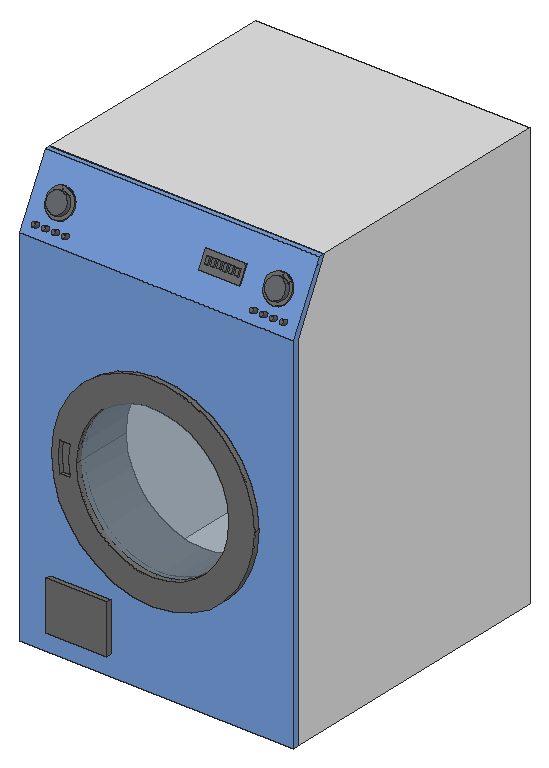
Revit family "washing machine", category Plumbing Fixtures, Revit 2020
Family settings
  Round Connector Dimension = Use Diameter
  Part Type = Normal
  Work Plane-Based = No
  Always vertical = Yes
  Cut with Voids When Loaded = No
  Shared = No
  Room Calculation Point = No
Parameters (values of type "27x29x42 inch")
  width = 2' - 3"
  washing machine = Washing Machine
  radius of window = 0' - 8"
  radius of win outer = radius of window + 0' 2"  # 0' - 10"
  radius of inner window = radius of window - 0' 0 1/2"  # 0' - 7 1/2"
  knob = Knob
  inner_handel = radius of window + 0' 0 1/4"  # 0' - 8 1/4"
  height = 3' - 6"
  external_handel = radius of window + 0' 1 1/4"  # 0' - 9 1/4"
  depth = 2' - 5"
  black glass = wm glass
  WM chrome = Washing Machine Chrome
  WM Side = WM-Sides
  Note to users = ""
  Disclaimer = ""
  Default Elevation = 0' - 0"
  Comments and Suggestions Welcome to = ""
  Assembly Code = ""
Reference planes (in)
  plane 1 "Center (Front/Back)": y = 67.87985
  plane 2 "bottom": z = 76.66142
  plane 3 "Center (Left/Right)": x = 0
  plane 4: x = 13.5
  plane 5: x = -13.5
  plane 6: y = 87.20815
  plane 7: y = 58.20815
  plane 8: z = 42
  plane 9: y = 58.70815
  plane 10: z = 36
  plane 11: x = -10.5
  plane 12: x = -4.5
  plane 13: z = 18
  plane 14: y = 57.70815
  plane 15: y = 63.70815
  plane 16: y = 86.20815
  plane 17: x = -12.5
  plane 18: x = 12.5
  plane 19: y = 59.70815
  plane 20: z = 1
  plane 21: y = 58.08315
Forms (in)
  Extrusion 1, solid, material "WM-Sides" <- "WM Side"
    sketch origin (0, 0, 0) x (1, 0, 0) y (0, 1, 0)
      loop
        line (-13.5, 87.20815) -> (-13.5, 58.70815) -> (13.5, 58.70815) -> (13.5, 87.20815) -> (-13.5, 87.20815)
    from 0 to 42
  Extrusion 2, void
    sketch origin (-13.5, 8.91681, 71.30101) x (0, 1, 0) y (0, 0, 1)
      loop
        line (53.00521, -29.30101) -> (49.79134, -29.30101) -> (49.79134, -35.4457) -> (53.00521, -29.30101)
    from 0 to 27
  Extrusion 3, solid, material "Washing Machine Chrome" <- "WM chrome"
    sketch origin (14.58979, 55.43256, 0) x (-1, 0, 0) y (0, 0, -1)
      loop
        line (25.08979, -6.81465) -> (25.08979, -2.00571) -> (19.08979, -2.00571) -> (19.08979, -6.81465) -> (25.08979, -6.81465)
    from -2.77559 to -2.27559
  Extrusion 4, solid, material "Knob" <- "knob"
    sketch origin (-13.58097, 61.4174, 42.11404) x (0, -0.463466, -0.886115) y (1, 0, 0)
      loop
        circle (3.62616, 2.82442) r 0.98425
    from 0 to 0.46665
  Extrusion 5, solid, material "Knob" <- "knob"
    sketch origin (-13.58097, 61.4174, 42.11404) x (0, -0.463466, -0.886115) y (1, 0, 0)
      loop
        circle (5.86065, 1.35503) r 0.19685
    from 0 to 0.46665
  Extrusion 6, solid, material "Knob" <- "knob"
    sketch origin (-13.58097, 61.4174, 42.11404) x (0, -0.463466, -0.886115) y (1, 0, 0)
      loop
        circle (5.86065, 2.33929) r 0.19685
    from 0 to 0.46665
  Extrusion 7, solid, material "Knob" <- "knob"
    sketch origin (-13.58097, 61.4174, 42.11404) x (0, -0.463466, -0.886115) y (1, 0, 0)
      loop
        circle (5.86065, 3.32354) r 0.19685
    from 0 to 0.46665
  Extrusion 8, solid, material "Knob" <- "knob"
    sketch origin (-13.58097, 61.4174, 42.11404) x (0, -0.463466, -0.886115) y (1, 0, 0)
      loop
        circle (5.86065, 4.30779) r 0.19685
    from 0 to 0.46665
  Extrusion 9, solid, material "Washing Machine Chrome" <- "WM chrome"
    sketch origin (-13.58097, 61.4174, 42.11404) x (0, -0.463466, -0.886115) y (1, 0, 0)
      loop
        circle (3.61664, 2.85716) r 1.37795
      loop
        line (2.79822, 1.96485) -> (2.85108, 1.92319) -> (2.95206, 2.04952) -> (2.90333, 2.09824) -> (2.79822, 1.96485)
      loop
        line (2.49465, 2.7011) -> (2.70823, 2.70767) -> (2.71463, 2.78083) -> (2.49236, 2.77554) -> (2.49465, 2.7011)
      loop
        line (2.77712, 3.54249) -> (3.00822, 3.38521) -> (3.05388, 3.43774) -> (2.81714, 3.60129) -> (2.77712, 3.54249)
    from 0 to 0.07874
  Extrusion 10, solid, material "Washing Machine" <- "washing machine"
    sketch origin (-13.5, 58.70815, 0) x (0, 1, 0) y (0, 0, -1)
      loop
        line (0, 0) -> (-0.5, 0) -> (-0.5, -35.97817) -> (2.64961, -42) -> (3.21387, -42) -> (0, -35.85531) -> (0, 0)
    from -27 to 0
  Extrusion 11, solid, material "Washing Machine Chrome" <- "WM chrome"
    sketch origin (-28.07455, 57.70815, 149.6063) x (-1, 0, 0) y (0, 0, 1)
      loop
        circle (-28.07455, -131.6063) r 8
      loop
        circle (-28.07455, -131.6063) r 10
    from 0 to 6
  Extrusion 12, void
    sketch origin (-28.07455, 57.70815, 149.6063) x (1, 0, 0) y (0, 0, 1)
      loop
        circle (28.07455, -131.6063) r 10
    from -1 to -0.5
  Extrusion 13, void
    sketch origin (108.91167, -60, 1) x (-1, 0, 0) y (0, -1, 0)
      loop
        line (96.41167, -146.20815) -> (121.41167, -146.20815) -> (121.41167, -119.70815) -> (96.41167, -119.70815) -> (96.41167, -146.20815)
    from 0 to 35
  Extrusion 14, void
    sketch origin (-28.07455, 58.70815, 149.6063) x (1, 0, 0) y (0, 0, 1)
      loop
        circle (28.07455, -131.6063) r 8
    from -3.21387 to 1
  Sweep 15, solid, material "Washing Machine Chrome" <- "WM chrome"
    path origin (108.91167, -60, 18) x (0, -1, 0) y (1, 0, 0)
      loop
        line (-123.70815, -108.91167) -> (-117.70815, -108.91167)
    profile origin (0, 60.70815, 18) x (1, 0, 0) y (0, 0, 1)
      loop
        circle (0, 0) r 8
  Sweep 16, void
    path origin (108.91167, -60, 18) x (0, -1, 0) y (1, 0, 0)
      loop
        line (-123.70815, -108.91167) -> (-117.70815, -108.91167)
    profile origin (0, 60.70815, 18) x (1, 0, 0) y (0, 0, 1)
      loop
        circle (0, 0) r 7.5
  Extrusion 17, solid, material "wm glass" <- "black glass"
    sketch origin (-13.5, 58.20815, 149.6063) x (-1, 0, 0) y (0, 0, 1)
      loop
        circle (-13.5, -131.6063) r 7.5
    from 0 to 0.5
  Extrusion 18, solid, material "Knob" <- "knob"
    sketch origin (13.58097, 61.4174, 42.11404) x (0, -0.463466, -0.886115) y (1, 0, 0)
      loop
        circle (3.62616, -2.82442) r 0.98425
    from 0 to 0.46665
  Extrusion 19, solid, material "Knob" <- "knob"
    sketch origin (13.58097, 61.4174, 42.11404) x (0, -0.463466, -0.886115) y (1, 0, 0)
      loop
        circle (5.86065, -1.35503) r 0.19685
    from 0 to 0.46665
  Extrusion 20, solid, material "Knob" <- "knob"
    sketch origin (13.58097, 61.4174, 42.11404) x (0, -0.463466, -0.886115) y (1, 0, 0)
      loop
        circle (5.86065, -2.33929) r 0.19685
    from 0 to 0.46665
  Extrusion 21, solid, material "Knob" <- "knob"
    sketch origin (13.58097, 61.4174, 42.11404) x (0, -0.463466, -0.886115) y (1, 0, 0)
      loop
        circle (5.86065, -3.32354) r 0.19685
    from 0 to 0.46665
  Extrusion 22, solid, material "Knob" <- "knob"
    sketch origin (13.58097, 61.4174, 42.11404) x (0, -0.463466, -0.886115) y (1, 0, 0)
      loop
        circle (5.86065, -4.30779) r 0.19685
    from 0 to 0.46665
  Extrusion 23, solid, material "Washing Machine Chrome" <- "WM chrome"
    sketch origin (13.58097, 61.4174, 42.11404) x (0, -0.463466, -0.886115) y (1, 0, 0)
      loop
        circle (3.61664, -2.85716) r 1.37795
      loop
        line (2.79822, -1.96485) -> (2.90333, -2.09824) -> (2.95206, -2.04952) -> (2.85108, -1.92319) -> (2.79822, -1.96485)
      loop
        line (2.49465, -2.7011) -> (2.49236, -2.77554) -> (2.71463, -2.78083) -> (2.70823, -2.70767) -> (2.49465, -2.7011)
      loop
        line (2.77712, -3.54249) -> (2.81714, -3.60129) -> (3.05388, -3.43774) -> (3.00822, -3.38521) -> (2.77712, -3.54249)
    from 0 to 0.07874
  Extrusion 24, solid, material "Washing Machine Chrome" <- "WM chrome"
    sketch origin (13.58097, 61.4174, 42.11404) x (0, -0.463466, -0.886115) y (1, 0, 0)
      loop
        line (2.74446, -6.27219) -> (2.74446, -10.3001) -> (4.51611, -10.3001) -> (4.51611, -6.27219) -> (2.74446, -6.27219)
      loop
        line (3.27563, -6.64959) -> (3.27563, -6.95364) -> (3.86618, -6.95364) -> (3.86618, -6.64959) -> (3.27563, -6.64959)
      loop
        line (3.27563, -7.24015) -> (3.27563, -7.5442) -> (3.86618, -7.5442) -> (3.86618, -7.24015) -> (3.27563, -7.24015)
      loop
        line (3.27563, -7.8307) -> (3.27563, -8.13475) -> (3.86618, -8.13475) -> (3.86618, -7.8307) -> (3.27563, -7.8307)
      loop
        line (3.27563, -8.42125) -> (3.27563, -8.7253) -> (3.86618, -8.7253) -> (3.86618, -8.42125) -> (3.27563, -8.42125)
      loop
        line (3.27563, -9.0118) -> (3.27563, -9.31585) -> (3.86618, -9.31585) -> (3.86618, -9.0118) -> (3.27563, -9.0118)
      loop
        line (3.23449, -9.60235) -> (3.23449, -9.9064) -> (3.86618, -9.9064) -> (3.86618, -9.60235) -> (3.23449, -9.60235)
    from 0 to 0.07874
  Extrusion 25, solid, material "Knob" <- "knob"
    sketch origin (13.58097, 61.4174, 42.11404) x (0, -0.463466, -0.886115) y (1, 0, 0)
      loop
        line (3.23449, -6.64959) -> (3.23449, -6.95364) -> (3.86618, -6.95364) -> (3.86618, -6.64959) -> (3.23449, -6.64959)
      loop
        line (3.23449, -7.24015) -> (3.23449, -7.5442) -> (3.86618, -7.5442) -> (3.86618, -7.24015) -> (3.23449, -7.24015)
      loop
        line (3.23449, -7.8307) -> (3.23449, -8.13475) -> (3.86618, -8.13475) -> (3.86618, -7.8307) -> (3.23449, -7.8307)
      loop
        line (3.23449, -8.42125) -> (3.23449, -8.7253) -> (3.86618, -8.7253) -> (3.86618, -8.42125) -> (3.23449, -8.42125)
      loop
        line (3.23449, -9.0118) -> (3.23449, -9.31585) -> (3.86618, -9.31585) -> (3.86618, -9.0118) -> (3.23449, -9.0118)
      loop
        line (3.23449, -9.60235) -> (3.23449, -9.9064) -> (3.86618, -9.9064) -> (3.86618, -9.60235) -> (3.23449, -9.60235)
    from 0 to 0.17612
  Extrusion 26, void
    sketch origin (-28.07455, 57.70815, 149.6063) x (1, 0, 0) y (0, 0, 1)
      loop
        arc (19.96206, -133.1063) -> (19.82455, -131.6063) -> (19.96206, -130.1063) r 8.25
        line (19.96206, -130.1063) -> (18.94698, -130.1063)
        arc (18.94698, -130.1063) -> (18.82455, -131.6063) -> (18.94698, -133.1063) r 9.25
        line (18.94698, -133.1063) -> (19.96206, -133.1063)
    from -0.375 to 0
Cuts and joins
  Extrusion 2, Extrusion 13, Extrusion 14, Sweep 16 cuts Extrusion 1
  Extrusion 12, Extrusion 13, Extrusion 14, Sweep 16, Extrusion 26 cuts Extrusion 11
  Sweep 16, Extrusion 26 cuts Sweep 15
  joined: Extrusion 11, Sweep 15
  Extrusion 12, Extrusion 13, Extrusion 14, Sweep 16 cuts Extrusion 10
Dimensions and locks (in)
  "width": plane 5 to plane 4
  equal spacing: plane 5, plane 3 "Center (Left/Right)", plane 4
  "depth": plane 6 to plane 7
  "height": plane 8 to level
  plane 1 "Center (Front/Back)" to plane 9 to plane 7 = 0' - 9.1717" locked, 0' - 0 1/2" locked
  locked: plane 8 to plane 10 at 6
  plane 5 to plane 11 to plane 12 = 0' - 3" locked, 0' - 6" locked
  equal spacing: plane 10, plane 13, level
  locked: plane 7 to plane 14 at 0.5
  locked: plane 15 to plane 14 at 6
  locked: plane 16 to plane 6 at 1
  locked: plane 5 to plane 17 at 1
  locked: plane 18 to plane 4 at 1
  locked: plane 19 to plane 9 at 1
  locked: plane 20 to level at 1
  locked: plane 7 to plane 21 at 0.125
  "radius of window": radius of Extrusion 11 sketch curve
  "radius of win outer": radius of Extrusion 11 sketch curve
  "radius of inner window": radius of Sweep 16 sketch curve
  "inner_handel": radius of Extrusion 26 sketch curve
  "external_handel": radius of Extrusion 26 sketch curve
  aligned and locked: Extrusion 1 sketch curve to plane 5
  aligned and locked: plane 4 to Extrusion 1 sketch curve
  aligned and locked: plane 6 to Extrusion 1 sketch curve
  aligned and locked: cut or joined group of Extrusion 1, Extrusion 2, Extrusion 13, Extrusion 14, Sweep 16 to plane 8
  aligned and locked: level to cut or joined group of Extrusion 1, Extrusion 2, Extrusion 13, Extrusion 14, Sweep 16
  aligned and locked: plane 9 to Extrusion 1 sketch curve
  aligned and locked: Extrusion 10 sketch curve to plane 9
  aligned and locked: Extrusion 10 sketch curve to plane 7
  aligned and locked: Extrusion 10 sketch curve to level
  aligned and locked: Extrusion 10 sketch curve to plane 8
  aligned and locked: Extrusion 10 sketch curve to cut or joined group of Extrusion 1, Extrusion 2, Extrusion 13, Extrusion 14, Sweep 16
  aligned and locked: Extrusion 10 to plane 4
  aligned and locked: plane 5 to Extrusion 10
  aligned and locked: Extrusion 1 to Extrusion 2  (x2)
  aligned and locked: plane 11 to Extrusion 3
  aligned and locked: Extrusion 3 to plane 12
  aligned and locked: plane 15 to Extrusion 11
  aligned and locked: Extrusion 11 to plane 14
  aligned and locked: Extrusion 12 sketch curve to Extrusion 11  (x2)
  aligned and locked: Extrusion 12 to cut or joined group of Extrusion 1, Extrusion 2, Extrusion 13, Extrusion 14, Sweep 16
  aligned and locked: Extrusion 12 to Extrusion 3
  aligned and locked: Extrusion 13 sketch curve to plane 16
  aligned and locked: Extrusion 13 sketch curve to plane 17
  aligned and locked: Extrusion 13 sketch curve to plane 18
  aligned and locked: Extrusion 13 sketch curve to plane 19
  aligned and locked: Extrusion 13 to plane 10
  aligned and locked: plane 20 to Extrusion 13
  aligned and locked: Extrusion 14 sketch curve to cut or joined group of Extrusion 11, Extrusion 12, Extrusion 13, Extrusion 14, Sweep 15, Sweep 16, Extrusion 26  (x2)
  aligned and locked: Extrusion 14 to Extrusion 2
  aligned and locked: plane 3 "Center (Left/Right)" to Sweep 15 sketch curve
  aligned and locked: plane 14 to Sweep 15 sketch curve
  aligned and locked: plane 15 to Sweep 15 sketch curve
  aligned and locked: Sweep 15 sketch curve to cut or joined group of Extrusion 11, Extrusion 12, Extrusion 13, Extrusion 14, Sweep 15, Sweep 16, Extrusion 26  (x2)
  aligned and locked: plane 3 "Center (Left/Right)" to Sweep 16 sketch curve
  aligned and locked: plane 14 to Sweep 16 sketch curve
  aligned and locked: plane 15 to Sweep 16 sketch curve
  aligned and locked: Extrusion 17 sketch curve to cut or joined group of Extrusion 11, Extrusion 12, Extrusion 13, Extrusion 14, Sweep 15, Sweep 16, Extrusion 26  (x2)
  aligned and locked: Extrusion 17 to plane 7
  aligned and locked: plane 9 to Extrusion 17
  aligned and locked: plane 7 to Extrusion 3
  aligned and locked: Extrusion 3 to plane 14
  aligned and locked: plane 21 to Extrusion 26
  aligned and locked: plane 14 to cut or joined group of Extrusion 11, Extrusion 12, Extrusion 13, Extrusion 14, Sweep 15, Sweep 16, Extrusion 26
  aligned and locked: Extrusion 3 to Extrusion 26
  aligned and locked: Extrusion 3 to Extrusion 14
Automatic sketch dimensions
  plane 8 to Extrusion 2 sketch curve = 0' - 0"
  Extrusion 2 sketch curve to plane 9 = 0' - 0"
  Extrusion 2 sketch curve to plane 15 = 0' - 1.78613"
  plane 10 to Extrusion 2 sketch curve = 0' - 0.14469"
  plane 12 to Extrusion 3 sketch curve = 0' - 0"
  plane 11 to Extrusion 3 sketch curve = 0' - 0"
  Extrusion 3 sketch curve to plane 20 = 0' - 5.81465"
  Extrusion 3 sketch curve to plane 20 = 0' - 1.00571"
  Extrusion 10 to Extrusion 4 sketch curve = 0' - 3.2983"
  Extrusion 10 to Extrusion 4 sketch curve = 0' - 2.74345"
  Extrusion 10 to Extrusion 5 sketch curve = 0' - 1.06381"
  Extrusion 10 to Extrusion 5 sketch curve = 0' - 1.27407"
  Extrusion 10 to Extrusion 6 sketch curve = 0' - 1.06381"
  Extrusion 10 to Extrusion 6 sketch curve = 0' - 2.25832"
  Extrusion 10 to Extrusion 7 sketch curve = 0' - 1.06381"
  Extrusion 10 to Extrusion 7 sketch curve = 0' - 3.24257"
  Extrusion 10 to Extrusion 8 sketch curve = 0' - 1.06381"
  Extrusion 10 to Extrusion 8 sketch curve = 0' - 4.22682"
  Extrusion 9 sketch curve to Extrusion 10 = 0' - 2.36367"
  Extrusion 9 sketch curve to Extrusion 9 sketch curve = 0' - 0.00229"
  Extrusion 9 sketch curve to Extrusion 9 sketch curve = 0' - 0.21358"
  Extrusion 9 sketch curve to Extrusion 9 sketch curve = 0' - 0.0064"
  Extrusion 9 sketch curve to Extrusion 9 sketch curve = 0' - 0 1/16"
  Extrusion 9 sketch curve to Extrusion 9 sketch curve = 0' - 0.08999"
  Extrusion 9 sketch curve to Extrusion 9 sketch curve = 0' - 0.04002"
  Extrusion 10 to Extrusion 9 sketch curve = 0' - 1.84223"
  Extrusion 9 sketch curve to Extrusion 9 sketch curve = 0' - 0.05286"
  Extrusion 9 sketch curve to Extrusion 9 sketch curve = 0' - 0.10511"
  Extrusion 9 sketch curve to Extrusion 9 sketch curve = 0' - 0.04873"  (x2)
  Extrusion 9 sketch curve to Extrusion 9 sketch curve = 0' - 0.23109"
  Extrusion 9 sketch curve to Extrusion 9 sketch curve = 0' - 0.04567"
  Extrusion 9 sketch curve to Extrusion 9 sketch curve = 0' - 0.60842"
  Extrusion 9 sketch curve to Extrusion 9 sketch curve = 0' - 0.04166"
  Extrusion 9 sketch curve to Extrusion 9 sketch curve = 0' - 0.60286"
  Extrusion 9 sketch curve to Extrusion 9 sketch curve = 0' - 0.00657"
  Extrusion 9 sketch curve to Extrusion 9 sketch curve = 0' - 0.07316"
  Extrusion 9 sketch curve to Extrusion 9 sketch curve = 0' - 0.07633"
  Extrusion 9 sketch curve to Extrusion 9 sketch curve = 0' - 0.60438"
  Extrusion 9 sketch curve to Extrusion 9 sketch curve = 0' - 0.05254"
  Extrusion 9 sketch curve to Extrusion 9 sketch curve = 0' - 0.15728"
  Extrusion 10 sketch curve to Extrusion 10 sketch curve = 0' - 0.56426"
  Extrusion 10 sketch curve to Extrusion 10 sketch curve = 0' - 0.12286"
  Extrusion 10 to Extrusion 18 sketch curve = 0' - 3.2983"
  Extrusion 10 to Extrusion 18 sketch curve = 0' - 2.74345"
  Extrusion 10 to Extrusion 19 sketch curve = 0' - 1.06381"
  Extrusion 10 to Extrusion 19 sketch curve = 0' - 1.27407"
  Extrusion 10 to Extrusion 20 sketch curve = 0' - 1.06381"
  Extrusion 10 to Extrusion 20 sketch curve = 0' - 2.25832"
  Extrusion 10 to Extrusion 21 sketch curve = 0' - 1.06381"
  Extrusion 10 to Extrusion 21 sketch curve = 0' - 3.24257"
  Extrusion 10 to Extrusion 22 sketch curve = 0' - 1.06381"
  Extrusion 10 to Extrusion 22 sketch curve = 0' - 4.22682"
  Extrusion 23 sketch curve to Extrusion 10 = 0' - 2.36367"
  Extrusion 23 sketch curve to Extrusion 23 sketch curve = 0' - 0.00229"
  Extrusion 23 sketch curve to Extrusion 23 sketch curve = 0' - 0.21358"
  Extrusion 23 sketch curve to Extrusion 23 sketch curve = 0' - 0.0064"
  Extrusion 23 sketch curve to Extrusion 23 sketch curve = 0' - 0 1/16"
  Extrusion 23 sketch curve to Extrusion 23 sketch curve = 0' - 0.08999"
  Extrusion 23 sketch curve to Extrusion 23 sketch curve = 0' - 0.04002"
  Extrusion 10 to Extrusion 23 sketch curve = 0' - 1.84223"
  Extrusion 23 sketch curve to Extrusion 23 sketch curve = 0' - 0.05286"
  Extrusion 23 sketch curve to Extrusion 23 sketch curve = 0' - 0.10511"
  Extrusion 23 sketch curve to Extrusion 23 sketch curve = 0' - 0.04873"  (x2)
  Extrusion 23 sketch curve to Extrusion 23 sketch curve = 0' - 0.23109"
  Extrusion 23 sketch curve to Extrusion 23 sketch curve = 0' - 0.04567"
  Extrusion 23 sketch curve to Extrusion 23 sketch curve = 0' - 0.60842"
  Extrusion 23 sketch curve to Extrusion 23 sketch curve = 0' - 0.04166"
  Extrusion 23 sketch curve to Extrusion 23 sketch curve = 0' - 0.60286"
  Extrusion 23 sketch curve to Extrusion 23 sketch curve = 0' - 0.00657"
  Extrusion 23 sketch curve to Extrusion 23 sketch curve = 0' - 0.07316"
  Extrusion 23 sketch curve to Extrusion 23 sketch curve = 0' - 0.07633"
  Extrusion 23 sketch curve to Extrusion 23 sketch curve = 0' - 0.60438"
  Extrusion 23 sketch curve to Extrusion 23 sketch curve = 0' - 0.05254"
  Extrusion 23 sketch curve to Extrusion 23 sketch curve = 0' - 0.15728"
  Extrusion 24 sketch curve to Extrusion 10 = 0' - 2.61577"
  Extrusion 24 sketch curve to Extrusion 24 sketch curve = 0' - 0.49003"
  Extrusion 24 sketch curve to Extrusion 24 sketch curve = 0' - 0.53117"
  Extrusion 24 sketch curve to Extrusion 24 sketch curve = 0' - 0.04114"
  Extrusion 24 sketch curve to Extrusion 24 sketch curve = 0' - 0"  (x7)
  Extrusion 24 sketch curve to Extrusion 24 sketch curve = 0' - 0.59055"
  Extrusion 24 sketch curve to Extrusion 24 sketch curve = 0' - 0.63169"
  Extrusion 24 sketch curve to Extrusion 24 sketch curve = 0' - 0.64994"
  Extrusion 10 to Extrusion 24 sketch curve = 0' - 10.21913"
  Extrusion 24 sketch curve to Extrusion 24 sketch curve = 0' - 0.3937"
  Extrusion 24 sketch curve to Extrusion 24 sketch curve = 0' - 0.30405"  (x6)
  Extrusion 24 sketch curve to Extrusion 24 sketch curve = 0' - 0.2865"  (x5)
  Extrusion 24 sketch curve to Extrusion 24 sketch curve = 0' - 0.3774"
  Extrusion 25 sketch curve to Extrusion 10 = 0' - 3.10579"
  Extrusion 25 sketch curve to Extrusion 25 sketch curve = 0' - 0"  (x10)
  Extrusion 25 sketch curve to Extrusion 25 sketch curve = 0' - 0.63169"
  Extrusion 10 to Extrusion 25 sketch curve = 0' - 9.82543"
  Extrusion 25 sketch curve to Extrusion 25 sketch curve = 0' - 0.30405"  (x6)
  Extrusion 25 sketch curve to Extrusion 25 sketch curve = 0' - 0.2865"  (x5)
  Extrusion 11 sketch curve to Extrusion 11 sketch curve = 0' - 0"  (x2)
  Extrusion 11 sketch curve to plane 3 "Center (Left/Right)" = 0' - 0"
  Extrusion 11 sketch curve to plane 13 = 0' - 0"
  Sweep 16 sketch curve to plane 13 = 0' - 0"
  profile plane to Sweep 16 sketch curve = 0' - 0"
  Extrusion 26 sketch curve to Extrusion 26 sketch curve = 0' - 0"  (x2)
  Extrusion 26 sketch curve to plane 3 "Center (Left/Right)" = 0' - 0"
  Extrusion 26 sketch curve to plane 13 = 0' - 0"
  Extrusion 26 sketch curve to plane 13 = 0' - 1 1/2"
  plane 13 to Extrusion 26 sketch curve = 0' - 1 1/2"
  radius of Extrusion 4 sketch curve = 0' - 0.98425"
  radius of Extrusion 5 sketch curve = 0' - 0.19685"
  radius of Extrusion 6 sketch curve = 0' - 0.19685"
  radius of Extrusion 7 sketch curve = 0' - 0.19685"
  radius of Extrusion 8 sketch curve = 0' - 0.19685"
  radius of Extrusion 9 sketch curve = 0' - 1.37795"
  radius of Extrusion 18 sketch curve = 0' - 0.98425"
  radius of Extrusion 19 sketch curve = 0' - 0.19685"
  radius of Extrusion 20 sketch curve = 0' - 0.19685"
  radius of Extrusion 21 sketch curve = 0' - 0.19685"
  radius of Extrusion 22 sketch curve = 0' - 0.19685"
  radius of Extrusion 23 sketch curve = 0' - 1.37795"
